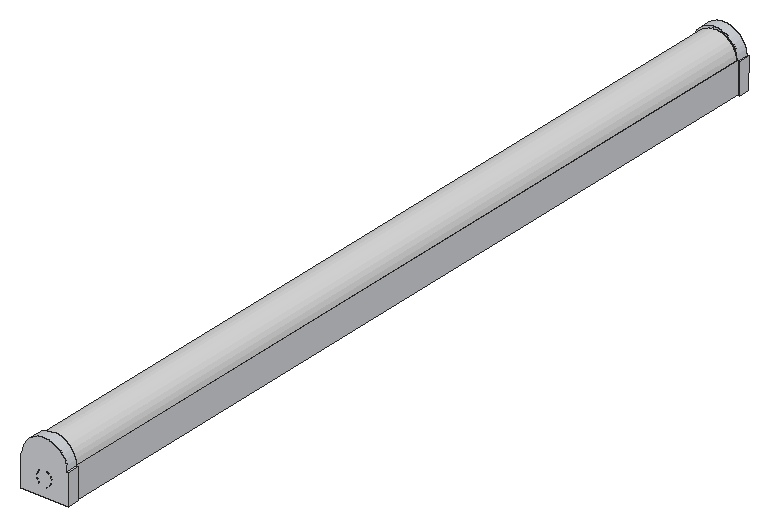
Revit family "0048928", category Lighting Fixtures, host Face, Revit 2017
Family settings
  Host = Face
  Round Connector Dimension = Use Diameter
  Part Type = Normal
  OmniClass Number = 23.80.70.00
  OmniClass Title = Lighting
  Cut with Voids When Loaded = No
  Light Source = Yes
  Shared = No
  Room Calculation Point = No
Parameters (values of type "0048928 WAYLINE 1200 3200LM 840 EM")
  Weight = "10.68 kg"
  Wattage Comments = ""
  Wattage = 26 W
  WarrantyStartDate [instance] = "n/a"
  WarrantyGuarantorParts = "n/a"
  WarrantyDurationUnit = "n/a"
  WarrantyDurationParts = "n/a"
  WarrantyDescription = "n/a"
  WIDTH/2_SYL = 35 mm
  built-in parameter 1150110 = 1 (stored number, unit not read)
  Voltage = 0 V
  URL = "http://www.sylvania-lighting.com"
  TypeName = "Wayline 1200 3200lm 840 EM"
  Type Image = <None>
  Type Comments = "n/a"
  built-in parameter 1114217 = 1 (stored number, unit not read)
  Tilt Angle = -90.00°
  built-in parameter 1150109 = 1 (stored number, unit not read)
  built-in parameter 1150134 = 12
  built-in parameter 1150113 = 1 (stored number, unit not read)
  SerialNumber [instance] = "n/a"
  R_HEIGHT_SYL = 44 mm
  Photometric Web File = "0048928.ies"
  Material_3_SYL = none
  PowerFactor = 0.9
  PowerConsumption = "26 W"
  NominalLength = 1220 mm
  NominalHeight = 76.5 mm
  NominalDepth = 70 mm
  Name = "Wayline 1200 3200lm 840 EM"
  ModelReference = Name  # "Wayline 1200 3200lm 840 EM"
  ModelNumber = "48928"
  Model = Name  # "Wayline 1200 3200lm 840 EM"
  Material = "steel housing, pc polycarbonate diffuser"
  ManufacturerName = "Feilo Sylvania"
  Manufacturer = "Feilo Sylvania"
  LuminousEfficacy = "123 lm/W"
  built-in parameter 1150105 = -2652741 (stored number, unit not read)
  Lumens = 3198 lm
  LuminaireType = ""
  built-in parameter 1150115 = 1 (stored number, unit not read)
  LightOutputRatio = "n/a"
  built-in parameter 1150137 = (empty or 0)
  built-in parameter 1150139 = (empty or 0)
  LampsType = Lamp  # "LED"
  LampNominalLuminous = "3200 lm"
  LampMacAdamStep = "5"
  LampColourTemperature = "4000 K"
  LampColourRenderingIndex = "80"
  built-in parameter 1150112 = 1 (stored number, unit not read)
  built-in parameter 1150114 = 1 (stored number, unit not read)
  Lamp = "LED"
  LUM_R_SYL = 30 mm
  Keynote = "16500"
  InstallationDate [instance] = "n/a"
  InputVoltage = "n/a"
  InputNominalFrequency = "n/a"
  built-in parameter 1150132 = (empty or 0)
  built-in parameter 1150102 = (empty or 0)
  built-in parameter 1150107 = 4000 (stored number, unit not read)
  built-in parameter 1150138 = (empty or 0)
  IngressProtection = "IP20"
  ImpactProtectionIndex = "IK08"
  built-in parameter 1150106 = -26527.4 (stored number, unit not read)
  IfcExportType = "IfcLightFixtureType"
  IfcExportAs = "IfcLightFixtureType"
  HOLE_HEIGHT_SYL = 24 mm
  HEIGHT_SYL = 76.5 mm
  GAP_SYL = 2.5 mm
  Emit from Circle Diameter = 609.6 mm
  Emit Shape Visible in Rendering = no
  ElectricShockClassification = "Class I"
  built-in parameter 1150104 = 11.427 (stored number, unit not read)
  DocumentationLiterature = "http://www.sylvania-lighting.com/product/en-int/products/0048928"
  DimmingControlOptions = "n/a"
  Material_2_SYL = none
  Dimming Lamp Color Temperature Shift = <None>
  Description = "LED batten, T8 replacement, ease of installation through 2 part push-in design of the housing (safety cable included), through wiring capability, steel housing, 3200lm, 26W, 123lm/W, 4000K, CRI80, 3 step MacAdam ellipse, symmetric wide beam angle, Class I, 90000 hrs L80B20 lifespan, non-dimmable driver, 3-hour maintained emergency batteries, IK08, IP20, 1220 x 70 x 76.5mm  (L x W x H) dimensions, 1.78kg."
  Default Elevation = 1219.2 mm
  CreatedOn = "5/25/2021"
  CreatedBy = "@sylvania-lighting.com"
  Cost = 0
  Color Filter = 16777215
  built-in parameter 1114216 [instance] = (empty or 0)
  ClassificationValue = "EF_70_80"
  ClassificationName = "Uniclass2015"
  Material_1_SYL = Dynamo
  BarCode [instance] = "n/a"
  built-in parameter 1114218 = 1 (stored number, unit not read)
  built-in parameter 1150133 = 10 (stored number, unit not read)
  AssetType = "Fixed"
  AssetIdentifier [instance] = "n/a"
  Assembly Code = "D5020200"
  Apparent Load = 26 VA
  Material_4_SYL = none
Types (8, lengths in mm): name | Weight | Wattage | TypeName | Photometric Web File | PowerConsumption | Name | ModelReference | ModelNumber | Model | LuminousEfficacy | built-in parameter 1150105 | Lumens | LampNominalLuminous | built-in parameter 1150106 | built-in parameter 1150104 | DocumentationLiterature | Description | Apparent Load
  0048940 WAYLINE 1200 MWCOR 3100LM 840 | "10.38 kg" | 24 W | "Wayline 1200 MWCOR 3100lm 840" | "0048940.ies" | "24 W" | "Wayline 1200 MWCOR 3100lm 840" | "Wayline 1200 MWCOR 3100lm 840" | "48940" | "Wayline 1200 MWCOR 3100lm 840" | "129 lm/W" | -2487883.7 (stored number, unit not read) | 3096 lm | "3100 lm" | -24878.8 (stored number, unit not read) | 11.984 (stored number, unit not read) | "http://www.sylvania-lighting.com/product/en-int/products/0048940" | "LED batten, T8 replacement, ease of installation through 2 part push-in design of the housing (safety cable included), through wiring capability, steel housing, 3100lm, 24W, 129lm/W, 4000K, CRI80, 3 step MacAdam ellipse, symmetric wide beam angle, Class I, 90000 hrs L80B20 lifespan, non-dimmable driver, corridor function with microwave presence sensor, IK08, IP20, 1220 x 70 x 76.5mm  (L x W x H) dimensions, 1.73kg." | 24 VA
  0048933 WAYLINE 1200 MW 5700LM 840 | "8.82 kg" | 41 W | "Wayline 1200 MW 5700lm 840" | "0048933.ies" | "41 W" | "Wayline 1200 MW 5700lm 840" | "Wayline 1200 MW 5700lm 840" | "48933" | "Wayline 1200 MW 5700lm 840" | "139 lm/W" | -8420557.4 (stored number, unit not read) | 5699 lm | "5700 lm" | -84205.6 (stored number, unit not read) | 12.914 (stored number, unit not read) | "http://www.sylvania-lighting.com/product/en-int/products/0048933" | "LED batten, T8 replacement, ease of installation through 2 part push-in design of the housing (safety cable included), through wiring capability, steel housing, 5700lm, 41W, 139lm/W, 4000K, CRI80, 3 step MacAdam ellipse, symmetric wide beam angle, Class I, 90000 hrs L80B20 lifespan, non-dimmable driver, MW sensor for 360° detection up to 8m range at 6m mounting height, IK08, IP20, 1220 x 70 x 76.5mm (LxWxD) dimensions, 1.47kg weight." | 41 VA
  0048932 WAYLINE 1200 MW 3200LM 840 | "8.64 kg" | 24 W | "Wayline 1200 MW 3200lm 840" | "0048932.ies" | "24 W" | "Wayline 1200 MW 3200lm 840" | "Wayline 1200 MW 3200lm 840" | "48932" | "Wayline 1200 MW 3200lm 840" | "133 lm/W" | -2647764 (stored number, unit not read) | 3192 lm | "3200 lm" | -26477.6 (stored number, unit not read) | 12.356 (stored number, unit not read) | "http://www.sylvania-lighting.com/product/en-int/products/0048932" | "LED batten, T8 replacement, ease of installation through 2 part push-in design of the housing (safety cable included), through wiring capability, steel housing, 3200lm, 24W, 133lm/W, 4000K, CRI80, 3 step MacAdam ellipse, symmetric wide beam angle, Class I, 90000 hrs L80B20 lifespan, non-dimmable driver, MW sensor for 360° detection up to 8m range at 6m mounting height, IK08, IP20, 1220 x 70 x 76.5mm (LxWxD) dimensions, 1.44kg weight." | 24 VA
  0048929 WAYLINE 1200 5700LM 840 EM | "10.92 kg" | 44 W | "Wayline 1200 5700lm 840 EM" | "0048929.ies" | "44 W" | "Wayline 1200 5700lm 840 EM" | "Wayline 1200 5700lm 840 EM" | "48929" | "Wayline 1200 5700lm 840 EM" | "130 lm/W" | -8451586 (stored number, unit not read) | 5720 lm | "5700 lm" | -84515.9 (stored number, unit not read) | 12.077 (stored number, unit not read) | "http://www.sylvania-lighting.com/product/en-int/products/0048929" | "LED batten, T8 replacement, ease of installation through 2 part push-in design of the housing (safety cable included), through wiring capability, steel housing, 5700lm, 44W, 130lm/W, 4000K, CRI80, 3 step MacAdam ellipse, symmetric wide beam angle, Class I, 90000 hrs L80B20 lifespan, non-dimmable driver, 3-hour maintained emergency batteries, IK08, IP20, 1220 x  70 x 76.5mm  (L x W x H) dimensions, 1.82kg." | 44 VA
  0048928 WAYLINE 1200 3200LM 840 EM | "10.68 kg" | 26 W | "Wayline 1200 3200lm 840 EM" | "0048928.ies" | "26 W" | "Wayline 1200 3200lm 840 EM" | "Wayline 1200 3200lm 840 EM" | "48928" | "Wayline 1200 3200lm 840 EM" | "123 lm/W" | -2652741 (stored number, unit not read) | 3198 lm | "3200 lm" | -26527.4 (stored number, unit not read) | 11.427 (stored number, unit not read) | "http://www.sylvania-lighting.com/product/en-int/products/0048928" | "LED batten, T8 replacement, ease of installation through 2 part push-in design of the housing (safety cable included), through wiring capability, steel housing, 3200lm, 26W, 123lm/W, 4000K, CRI80, 3 step MacAdam ellipse, symmetric wide beam angle, Class I, 90000 hrs L80B20 lifespan, non-dimmable driver, 3-hour maintained emergency batteries, IK08, IP20, 1220 x 70 x 76.5mm  (L x W x H) dimensions, 1.78kg." | 26 VA
  0048925 WAYLINE 1200 DALI 5500LM 840 | "10.02 kg" | 40 W | "Wayline 1200 DALI 5500lm 840" | "0048925.ies" | "40 W" | "Wayline 1200 DALI 5500lm 840" | "Wayline 1200 DALI 5500lm 840" | "48925" | "Wayline 1200 DALI 5500lm 840" | "138 lm/W" | -7869864 (stored number, unit not read) | 5520 lm | "5500 lm" | -78698.6 (stored number, unit not read) | 12.821 (stored number, unit not read) | "http://www.sylvania-lighting.com/product/en-int/products/0048925" | "LED batten, T8 replacement, ease of installation through 2 part push-in design of the housing (safety cable included), through wiring capability, steel housing, 5500lm, 40W, 138lm/W, 4000K, CRI80, 3 step MacAdam ellipse, symmetric wide beam angle, Class I, 90000 hrs L80B20 lifespan, DALI dimmable driver, IK08, IP20, 1220 x 70 x 76.5mm (LxWxD) dimensions, 1.67kg weight." | 40 VA
  0048924 WAYLINE 1200 DALI 3100LM 840 | "9.96 kg" | 23 W | "Wayline 1200 DALI 3100lm 840" | "0048924.ies" | "23 W" | "Wayline 1200 DALI 3100lm 840" | "Wayline 1200 DALI 3100lm 840" | "48924" | "Wayline 1200 DALI 3100lm 840" | "135 lm/W" | -2495115.9 (stored number, unit not read) | 3105 lm | "3100 lm" | -24951.2 (stored number, unit not read) | 12.542 (stored number, unit not read) | "http://www.sylvania-lighting.com/product/en-int/products/0048924" | "LED batten, T8 replacement, ease of installation through 2 part push-in design of the housing (safety cable included), through wiring capability, steel housing, 3100lm, 23W, 135lm/W, 4000K, CRI80, 3 step MacAdam ellipse, symmetric wide beam angle, Class I, 90000 hrs L80B20 lifespan, DALI dimmable driver, IK08, IP20, 1220 x 70 x 76.5mm (LxWxD) dimensions, 1.66kg weight." | 23 VA
  0048953 WAYLINE 1200 MWCOR 5500LM 840 | "10.44 kg" | 41 W | "Wayline 1200 MWCOR 5500lm 840" | "0048953.ies" | "41 W" | "Wayline 1200 MWCOR 5500lm 840" | "Wayline 1200 MWCOR 5500lm 840" | "48953" | "Wayline 1200 MWCOR 5500lm 840" | "134 lm/W" | -7832795.8 (stored number, unit not read) | 5494 lm | "5500 lm" | -78328 (stored number, unit not read) | 12.449 (stored number, unit not read) | "http://www.sylvania-lighting.com/product/en-int/products/0048953" | "LED batten, T8 replacement, ease of installation through 2 part push-in design of the housing (safety cable included), through wiring capability, steel housing, 5500lm, 41W, 134lm/W, 4000K, CRI80, 3 step MacAdam ellipse, symmetric wide beam angle, Class I, 90000 hrs L80B20 lifespan, non-dimmable driver, corridor function with microwave presence sensor, IK08, IP20, 1220 x 70 x 76.5mm  (L x W x H) dimensions, 1.74kg." | 41 VA
Reference planes
  plane 1 "Center (Front/Back)": y = 0
  plane 2: z = 0
  plane 3 "Center (Left/Right)": x = 0
  plane 4: z = 76.5
  plane 5: x = -35
  plane 6: x = 35
  plane 7: z = 44
  plane 8: x = -32.5
  plane 9: x = 32.5
  plane 10: z = 24
  plane 11: x = 2.5
  plane 12: x = -2.5
  plane 13: z = 26.5
  plane 14: z = 21.5
  plane 15: z = 74
Forms (mm)
  Extrusion 1, solid
    sketch origin (0, 0, 0) x (1, 0, 0) y (0, 0, 1)
      loop
        arc (32.5, 44) -> (0, 76.5) -> (-32.5, 44) r 32.5
        line (-32.5, 44) -> (-35, 44) -> (-35, 0) -> (35, 0) -> (35, 44) -> (32.5, 44)
      loop
        line (2.5, 34.712) -> (2.5, 33.682)
        arc (2.5, 33.682) -> (7.071, 31.071) -> (9.682, 26.5) r 10
        line (9.682, 26.5) -> (10.712, 26.5)
        arc (10.712, 26.5) -> (7.778, 31.778) -> (2.5, 34.712) r 11
      loop
        line (-2.5, 33.682) -> (-2.5, 34.712)
        arc (-2.5, 34.712) -> (-7.778, 31.778) -> (-10.712, 26.5) r 11
        line (-10.712, 26.5) -> (-9.682, 26.5)
        arc (-9.682, 26.5) -> (-7.071, 31.071) -> (-2.5, 33.682) r 10
      loop
        line (-9.682, 21.5) -> (-10.712, 21.5)
        arc (-10.712, 21.5) -> (-7.778, 16.222) -> (-2.5, 13.288) r 11
        line (-2.5, 13.288) -> (-2.5, 14.318)
        arc (-2.5, 14.318) -> (-7.071, 16.929) -> (-9.682, 21.5) r 10
      loop
        line (2.5, 14.318) -> (2.5, 13.288)
        arc (2.5, 13.288) -> (7.778, 16.222) -> (10.712, 21.5) r 11
        line (10.712, 21.5) -> (9.682, 21.5)
        arc (9.682, 21.5) -> (7.071, 16.929) -> (2.5, 14.318) r 10
    from 594 to 610
  Extrusion 2, solid, material "Dynamo" <- "Material_1_SYL"
    sketch origin (0, 0, 0) x (1, 0, 0) y (0, 0, 1)
      loop
        line (-30, 44) -> (30, 44)
        arc (30, 44) -> (0, 74) -> (-30, 44) r 30
    from -594 to 594
  Extrusion 3, solid
    sketch origin (0, 0, 0) x (1, 0, 0) y (0, 0, 1)
      loop
        line (-32.5, 44) -> (-32.5, 0) -> (32.5, 0) -> (32.5, 44) -> (-32.5, 44)
    from -594 to 594
  Extrusion 4, solid
    sketch origin (0, 0, 0) x (1, 0, 0) y (0, 0, -1)
      loop
        line (32.5, -44) -> (35, -44) -> (35, 0) -> (-35, 0) -> (-35, -44) -> (-32.5, -44)
        arc (-32.5, -44) -> (0, -76.5) -> (32.5, -44) r 32.5
      loop
        arc (2.5, -34.712) -> (7.778, -31.778) -> (10.712, -26.5) r 11
        line (10.712, -26.5) -> (9.682, -26.5)
        arc (9.682, -26.5) -> (7.071, -31.071) -> (2.5, -33.682) r 10
        line (2.5, -33.682) -> (2.5, -34.712)
      loop
        arc (-2.5, -33.682) -> (-7.071, -31.071) -> (-9.682, -26.5) r 10
        line (-9.682, -26.5) -> (-10.712, -26.5)
        arc (-10.712, -26.5) -> (-7.778, -31.778) -> (-2.5, -34.712) r 11
        line (-2.5, -34.712) -> (-2.5, -33.682)
      loop
        arc (-9.682, -21.5) -> (-7.071, -16.929) -> (-2.5, -14.318) r 10
        line (-2.5, -14.318) -> (-2.5, -13.288)
        arc (-2.5, -13.288) -> (-7.778, -16.222) -> (-10.712, -21.5) r 11
        line (-10.712, -21.5) -> (-9.682, -21.5)
      loop
        arc (2.5, -14.318) -> (7.071, -16.929) -> (9.682, -21.5) r 10
        line (9.682, -21.5) -> (10.712, -21.5)
        arc (10.712, -21.5) -> (7.778, -16.222) -> (2.5, -13.288) r 11
        line (2.5, -13.288) -> (2.5, -14.318)
    from 594 to 610
Dimensions and locks
  "HEIGHT_SYL": plane 4 to host face
  "WIDTH/2_SYL": plane 6 to plane 3 "Center (Left/Right)" to plane 5
  "R_HEIGHT_SYL": plane 7 to host face
  "GAP_SYL": plane 8 to plane 5
  "GAP_SYL": plane 6 to plane 9
  "HOLE_HEIGHT_SYL": plane 10 to host face
  "GAP_SYL": plane 13 to plane 10 to plane 14
  "GAP_SYL": plane 11 to plane 3 "Center (Left/Right)" to plane 12
  "LUM_R_SYL": plane 15 to plane 7
  aligned and locked: plane 2 to host face
  aligned and locked: level to host face
Automatic sketch dimensions
  host sketch curve to host sketch curve = 2438.4 mm  (x2)
  Extrusion 1 sketch curve to Extrusion 1 sketch curve = 0 mm  (x58)
  Extrusion 1 sketch curve to level = 0 mm
  Extrusion 1 sketch curve to plane 5 = 0 mm
  Extrusion 1 sketch curve to plane 7 = 0 mm
  Extrusion 1 sketch curve to plane 8 = 0 mm
  Extrusion 1 sketch curve to plane 13 = 0 mm  (x2)
  Extrusion 1 sketch curve to plane 14 = 0 mm  (x2)
  Extrusion 1 sketch curve to plane 12 = 0 mm  (x2)
  Extrusion 1 sketch curve to plane 3 "Center (Left/Right)" = 0 mm  (x2)
  Extrusion 1 sketch curve to plane 11 = 0 mm  (x2)
  Extrusion 1 sketch curve to plane 6 = 0 mm
  Extrusion 1 sketch curve to plane 10 = 0 mm
  Extrusion 1 sketch curve to plane 12 = 8.212 mm
  Extrusion 1 sketch curve to Extrusion 1 sketch curve = 1.03 mm  (x4)
  plane 11 to Extrusion 1 sketch curve = 7.182 mm
  Extrusion 2 sketch curve to plane 7 = 0 mm
  Extrusion 2 sketch curve to plane 3 "Center (Left/Right)" = 0 mm
  plane 8 to Extrusion 2 sketch curve = 2.5 mm
  Extrusion 3 sketch curve to level = 0 mm
  Extrusion 3 sketch curve to plane 8 = 0 mm
  Extrusion 3 sketch curve to plane 9 = 0 mm
  Extrusion 3 sketch curve to plane 7 = 0 mm
  Extrusion 4 sketch curve to Extrusion 4 sketch curve = 0 mm  (x58)
  Extrusion 4 sketch curve to level = 0 mm
  Extrusion 4 sketch curve to plane 5 = 0 mm
  Extrusion 4 sketch curve to plane 7 = 0 mm
  Extrusion 4 sketch curve to plane 8 = 0 mm
  Extrusion 4 sketch curve to plane 13 = 0 mm  (x2)
  Extrusion 4 sketch curve to plane 14 = 0 mm  (x2)
  Extrusion 4 sketch curve to plane 12 = 0 mm  (x2)
  Extrusion 4 sketch curve to plane 3 "Center (Left/Right)" = 0 mm  (x2)
  Extrusion 4 sketch curve to plane 11 = 0 mm  (x2)
  Extrusion 4 sketch curve to plane 6 = 0 mm
  Extrusion 4 sketch curve to plane 10 = 0 mm
  Extrusion 4 sketch curve to plane 12 = 8.212 mm
  Extrusion 4 sketch curve to Extrusion 4 sketch curve = 1.03 mm  (x4)
  plane 11 to Extrusion 4 sketch curve = 7.182 mm
Connectors
  electrical at (0, -610, 29.333)
    settings: on Extrusion 1, index 1, voltage 0 V, apparent load 0 VA, apparent load phase1 0 VA, apparent load phase2 0 VA, apparent load phase3 0 VA, power factor 1, load classification "Other", number of poles 1, system type 31, power factor state 1, is connector primary yes, connector utility no, sub classification motor no, connector description ""
